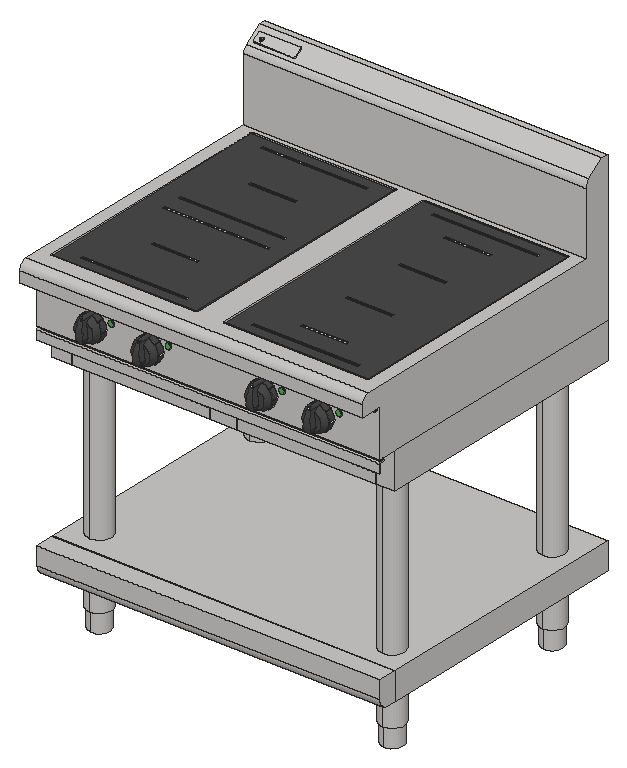
Revit family "QF_Moffat_IN8400R5F-LS_Induction Cooktop_cat", category Specialty Equipment, Revit 2019 (continued)
Definition of nested family "QF_LOGO_Waldorf"
  Lines and regions (mm)
    Split face 7
      outline origin (0, -1.881, 2.589) x (1, 0, 0) y (0, 0.809017, 0.587785)
        loop
          spline (76.449, 5.305) -> (77.855, 5.457) -> (79.166, 5.901) -> (80.291, 6.607) -> (81.155, 7.527) -> (81.698, 8.599) -> (81.883, 9.749) -> (81.698, 10.899) -> (81.155, 11.97) -> (80.291, 12.891) -> (79.166, 13.597) -> (77.855, 14.041) -> (76.449, 14.192)
          spline (76.449, 14.192) -> (75.042, 14.041) -> (73.731, 13.597) -> (72.606, 12.891) -> (71.742, 11.97) -> (71.199, 10.899) -> (71.014, 9.749) -> (71.199, 8.599) -> (71.742, 7.527) -> (72.606, 6.607) -> (73.731, 5.901) -> (75.042, 5.457) -> (76.449, 5.305)
    Split face 8
      outline origin (0, -1.881, 2.589) x (1, 0, 0) y (0, 0.809017, 0.587785)
        loop
          spline (76.449, 7.654) -> (76.841, 7.725) -> (77.206, 7.934) -> (77.52, 8.267) -> (77.76, 8.701) -> (77.912, 9.206) -> (77.963, 9.749) -> (77.912, 10.291) -> (77.76, 10.796) -> (77.52, 11.23) -> (77.206, 11.563) -> (76.841, 11.772) -> (76.449, 11.843)
          spline (76.449, 11.843) -> (76.057, 11.772) -> (75.691, 11.563) -> (75.378, 11.23) -> (75.137, 10.796) -> (74.986, 10.291) -> (74.934, 9.749) -> (74.986, 9.206) -> (75.137, 8.701) -> (75.378, 8.267) -> (75.691, 7.934) -> (76.057, 7.725) -> (76.449, 7.654)
    Split face 9
      outline origin (0, -1.881, 2.589) x (1, 0, 0) y (0, 0.809017, 0.587785)
        loop
          line (86.998, 12.335) -> (86.998, 13.879) -> (83.479, 13.879) -> (83.479, 5.728) -> (87.312, 5.728) -> (87.312, 8.975)
          spline (87.312, 8.975) -> (87.364, 9.356) -> (87.458, 9.686) -> (87.594, 9.968) -> (87.769, 10.204) -> (87.982, 10.398) -> (88.229, 10.55) -> (88.509, 10.666) -> (88.82, 10.746) -> (89.16, 10.794) -> (89.525, 10.812) -> (89.915, 10.803) -> (90.327, 10.77)
          line (90.327, 10.77) -> (90.327, 14.113)
          spline (90.327, 14.113) -> (89.929, 14.127) -> (89.552, 14.111) -> (89.197, 14.066) -> (88.865, 13.991) -> (88.554, 13.887) -> (88.266, 13.754) -> (87.999, 13.591) -> (87.755, 13.399) -> (87.532, 13.177) -> (87.332, 12.926) -> (87.154, 12.645) -> (86.998, 12.335)
    Split face 10
      outline origin (0, -1.881, 2.589) x (1, 0, 0) y (0, 0.809017, 0.587785)
        loop
          line (92.082, 13.879) -> (90.894, 13.879) -> (90.894, 11.972) -> (92.082, 11.972) -> (92.082, 5.728) -> (95.871, 5.728) -> (95.871, 11.972) -> (97.5, 11.972) -> (97.5, 13.879) -> (95.871, 13.879)
          spline (95.871, 13.879) -> (95.843, 14.088) -> (95.845, 14.278) -> (95.877, 14.447) -> (95.939, 14.596) -> (96.03, 14.726) -> (96.151, 14.835) -> (96.301, 14.925) -> (96.482, 14.995) -> (96.692, 15.045) -> (96.931, 15.075) -> (97.201, 15.085) -> (97.5, 15.076)
          line (97.5, 15.076) -> (97.5, 17.266) -> (95.367, 17.266)
          spline (95.367, 17.266) -> (94.982, 17.253) -> (94.58, 17.21) -> (94.174, 17.132) -> (93.774, 17.013) -> (93.39, 16.846) -> (93.034, 16.627) -> (92.717, 16.349) -> (92.448, 16.007) -> (92.24, 15.595) -> (92.102, 15.106) -> (92.046, 14.537) -> (92.082, 13.879)
  Dimensions and locks
    equal spacing: plane 3 "LEFT", plane 7 "Center Y", plane 4 "RIGHT"
    "Length": plane 3 "LEFT" to plane 4 "RIGHT"
    equal spacing: plane 5 "FRONT", plane 8 "Center X", plane 1 "BACK"
    "Depth": plane 5 "FRONT" to plane 1 "BACK"
    "Height": plane 6 "TOP" to level
    plane 4 "RIGHT" to plane 3 "LEFT" = 138 mm
    aligned and locked: level to plane 2
  Automatic sketch dimensions
    Extrusion 1 sketch curve to plane 3 "LEFT" = 0 mm
    plane 3 "LEFT" to Extrusion 1 sketch curve = 4 mm  (x2)
    Extrusion 1 sketch curve to Extrusion 1 sketch curve = 10.75 mm
    Extrusion 1 sketch curve to Extrusion 1 sketch curve = 0.5 mm
    plane 4 "RIGHT" to Extrusion 1 sketch curve = 33 mm
    Extrusion 1 sketch curve to Extrusion 1 sketch curve = 0 mm  (x3)
    Extrusion 1 sketch curve to Extrusion 1 sketch curve = 4 mm
    Extrusion 1 sketch curve to Extrusion 1 sketch curve = 3.464 mm  (x3)
    Extrusion 1 sketch curve to Extrusion 1 sketch curve = 3.541 mm
    Extrusion 1 sketch curve to Extrusion 1 sketch curve = 4.325 mm
    Extrusion 1 sketch curve to Extrusion 1 sketch curve = 19.783 mm
    Extrusion 1 sketch curve to Extrusion 1 sketch curve = 7.592 mm
    plane 3 "LEFT" to Extrusion 2 sketch curve = 15.25 mm
    Extrusion 2 sketch curve to Extrusion 2 sketch curve = 4.325 mm
    plane 3 "LEFT" to Extrusion 3 sketch curve = 14.75 mm
    Extrusion 3 sketch curve to Extrusion 3 sketch curve = 4.325 mm
    Extrusion 1 to Split face 1 sketch curve = 6.879 mm
    Split face 1 sketch curve to Extrusion 1 = 5.728 mm
    Split face 1 sketch curve to Split face 1 sketch curve = 3.132 mm
    Split face 1 sketch curve to Split face 1 sketch curve = 4.068 mm
    Split face 1 sketch curve to Split face 1 sketch curve = 3.051 mm
    Split face 1 sketch curve to Split face 1 sketch curve = 4.203 mm
    Split face 1 sketch curve to Split face 1 sketch curve = 2.916 mm
    Split face 1 sketch curve to Split face 1 sketch curve = 3.456 mm
    Split face 1 sketch curve to Split face 1 sketch curve = 2.934 mm
    Split face 1 sketch curve to Split face 1 sketch curve = 4.131 mm
    Split face 1 sketch curve to Split face 1 sketch curve = 3.96 mm
    Split face 1 sketch curve to Split face 1 sketch curve = 0 mm  (x2)
    Split face 1 sketch curve to Extrusion 1 = 9.736 mm  (x2)
    Extrusion 1 to Split face 1 sketch curve = 6.337 mm
    Extrusion 1 to Split face 1 sketch curve = 6.231 mm
    Extrusion 1 to Split face 1 sketch curve = 3.184 mm
    Extrusion 1 to Split face 1 sketch curve = 13.135 mm
    Split face 1 sketch curve to Split face 1 sketch curve = 4.652 mm
    Split face 1 sketch curve to Split face 1 sketch curve = 3.593 mm
    Split face 1 sketch curve to Split face 1 sketch curve = 1.863 mm
    Split face 1 sketch curve to Split face 1 sketch curve = 0.713 mm
    Split face 1 sketch curve to Split face 1 sketch curve = 2.684 mm
    Split face 1 sketch curve to Split face 1 sketch curve = 3.294 mm
    Split face 1 sketch curve to Split face 1 sketch curve = 0.459 mm
    Split face 1 sketch curve to Split face 1 sketch curve = 2.775 mm
    Split face 1 sketch curve to Split face 1 sketch curve = 1.89 mm
    Split face 1 sketch curve to Split face 1 sketch curve = 0.685 mm
    Split face 1 sketch curve to Split face 1 sketch curve = 9.486 mm
    Split face 1 sketch curve to Split face 1 sketch curve = 16.213 mm
    Split face 1 sketch curve to Split face 1 sketch curve = 3.48 mm
    Split face 1 sketch curve to Split face 1 sketch curve = 4.918 mm
    Split face 1 sketch curve to Split face 1 sketch curve = 7.609 mm
    Split face 1 sketch curve to Split face 1 sketch curve = 0.01 mm  (x2)
    Split face 1 sketch curve to Split face 1 sketch curve = 0.002 mm
    Split face 2 sketch curve to Extrusion 1 = 11.169 mm
    Extrusion 1 to Split face 2 sketch curve = 25.647 mm
    Split face 2 sketch curve to Split face 2 sketch curve = 3.72 mm
    Split face 2 sketch curve to Extrusion 1 = 11.965 mm
    Split face 2 sketch curve to Split face 2 sketch curve = 0.371 mm
    Split face 2 sketch curve to Extrusion 1 = 6.602 mm
    Split face 2 sketch curve to Split face 2 sketch curve = 2.689 mm
    Split face 2 sketch curve to Split face 2 sketch curve = 0.318 mm
    Split face 2 sketch curve to Split face 2 sketch curve = 3.729 mm
    Split face 2 sketch curve to Split face 2 sketch curve = 0.414 mm
    Split face 2 sketch curve to Split face 2 sketch curve = 0.875 mm
    Split face 2 sketch curve to Split face 2 sketch curve = 0.878 mm
    Split face 3 sketch curve to Extrusion 1 = 8.597 mm
    Extrusion 1 to Split face 3 sketch curve = 29.688 mm
    Split face 3 sketch curve to Extrusion 1 = 9.264 mm
    Split face 3 sketch curve to Split face 3 sketch curve = 2.326 mm
    Split face 4 sketch curve to Extrusion 1 = 5.728 mm
    Extrusion 1 to Split face 4 sketch curve = 38.08 mm
    Split face 4 sketch curve to Split face 4 sketch curve = 3.843 mm
    Split face 4 sketch curve to Extrusion 1 = 9.736 mm
    Split face 5 sketch curve to Extrusion 1 = 9.736 mm
    Split face 5 sketch curve to Extrusion 1 = 43.205 mm
    Split face 5 sketch curve to Extrusion 1 = 6.679 mm
    Split face 5 sketch curve to Split face 5 sketch curve = 0.342 mm
    Split face 5 sketch curve to Split face 5 sketch curve = 3.375 mm
    Split face 5 sketch curve to Split face 5 sketch curve = 0.952 mm
    Split face 5 sketch curve to Split face 5 sketch curve = 3.998 mm
    Split face 6 sketch curve to Extrusion 1 = 7.499 mm
    Split face 6 sketch curve to Extrusion 1 = 44.727 mm
    Split face 6 sketch curve to Split face 6 sketch curve = 2.07 mm
    Split face 7 sketch curve to Extrusion 1 = 5.305 mm
    Split face 7 sketch curve to Extrusion 1 = 32.551 mm
    Split face 7 sketch curve to Split face 7 sketch curve = 4.443 mm
    Split face 8 sketch curve to Extrusion 1 = 7.654 mm
    Split face 8 sketch curve to Extrusion 1 = 32.551 mm
    Split face 8 sketch curve to Split face 8 sketch curve = 2.095 mm
    Split face 9 sketch curve to Extrusion 1 = 5.728 mm
    Split face 9 sketch curve to Extrusion 1 = 25.521 mm
    Split face 9 sketch curve to Split face 9 sketch curve = 3.519 mm
    Split face 9 sketch curve to Split face 9 sketch curve = 0.315 mm
    Split face 9 sketch curve to Split face 9 sketch curve = 3.33 mm
    Split face 9 sketch curve to Split face 9 sketch curve = 3.248 mm
    Split face 9 sketch curve to Split face 9 sketch curve = 1.795 mm
    Split face 9 sketch curve to Split face 9 sketch curve = 3.36 mm
    Split face 9 sketch curve to Split face 9 sketch curve = 1.545 mm
    Split face 9 sketch curve to Split face 9 sketch curve = 0.233 mm
    Split face 10 sketch curve to Extrusion 1 = 18.106 mm
    Split face 10 sketch curve to Split face 10 sketch curve = 1.188 mm  (x2)
    Split face 10 sketch curve to Split face 10 sketch curve = 3.285 mm
    Split face 10 sketch curve to Split face 10 sketch curve = 3.789 mm
    Split face 10 sketch curve to Split face 10 sketch curve = 0 mm  (x2)
    Split face 10 sketch curve to Split face 10 sketch curve = 1.629 mm
    Split face 10 sketch curve to Split face 10 sketch curve = 2.133 mm
    Split face 10 sketch curve to Extrusion 1 = 5.728 mm
    Split face 10 sketch curve to Split face 10 sketch curve = 6.245 mm
    Split face 10 sketch curve to Split face 10 sketch curve = 1.907 mm  (x2)
    Split face 10 sketch curve to Split face 10 sketch curve = 1.197 mm
    Split face 10 sketch curve to Split face 10 sketch curve = 2.19 mm
Definition of nested family "Knob"
  Parameters (values of type "Knob")
    Weight in Pounds = 0
    URL Cutsheet = ""
    Specification by User = ""
    Specification by Manufacturer = ""
    Serial Number = ""
    Seismic Rating = ""
    SMACNA No = ""
    Revision Code = ""
    NAFEM Spec ID Number = ""
    Masterspec = ""
    Length = 65 mm
    Item Number = ""
    Installed By = ""
    Identify Quantity as Lot = yes
    Height = 69.5 mm
    Furnished By = ""
    Foodservice Equipment Identifier = yes
    Depth = 59 mm
    CSI MasterFormat = ""
  Reference planes
    plane 1 "BACK": y = 0
    plane 2: z = 0
    plane 3 "LEFT": x = 0
    plane 4 "RIGHT": x = 65
    plane 5 "FRONT": y = -59
    plane 6 "TOP": z = 69.5
    plane 7 "Center Y": x = 32.5
    plane 8 "Center X": y = -29.5
  Forms (mm)
    Revolve 1, solid
      sketch origin (32.5, 175.397, 1219.2) x (0, 1, 0) y (0, 0, 1)
        loop
          line (-175.397, -1186.7) -> (-219.397, -1186.7) -> (-219.397, -1211.501) -> (-202.106, -1219.2) -> (-185.397, -1219.2) -> (-185.397, -1191.7) -> (-175.397, -1191.7) -> (-175.397, -1186.7)
        axis (-219.397, -1186.7) -> (-175.397, -1186.7)
      angle from 0 to 360
    Extrusion 2, solid
      sketch origin (32.5, 175.397, 1219.2) x (0, 1, 0) y (0, 0, 1)
        loop
          line (-202.106, -1154.2) -> (-185.397, -1154.2) -> (-185.397, -1149.7) -> (-224.105, -1149.7)
          arc (-224.105, -1149.7) -> (-233.965, -1178.467) -> (-230.696, -1208.7) r 70
          line (-230.696, -1208.7) -> (-219.397, -1208.7) -> (-219.397, -1161.899) -> (-202.106, -1154.2)
      from -15 to 15
    Extrusion 3, void
      sketch origin (0, 0, 0) x (1, 0, 0) y (0, 0, 1)
        loop
          line (27.501, 64.613) -> (22.02, 20.585)
          arc (22.02, 20.585) -> (32.792, 10.488) -> (42.986, 21.169) r 10.487
          line (42.986, 21.169) -> (37.499, 64.613)
          arc (37.499, 64.613) -> (32.5, 69.5) -> (27.501, 64.613) r 5
        loop
          line (10, 72.977) -> (10, 5.625) -> (55, 5.625) -> (55, 72.977) -> (10, 72.977)
      from 6.142 to 69.687
    Extrusion 4, solid
      sketch origin (0, -34.115, -16.916) x (1, 0, 0) y (0, 0.45399, 0.891007)
        loop
          circle (32.497, 65) r 2
      from 51.525 to 53.075
    Extrusion 5, solid
      sketch origin (32.5, -10, 32.5) x (0, 0, -1) y (-1, 0, 0)
        loop
          line (-23.54, -22.408) -> (-24.106, -22.974)
          arc (-24.106, -22.974) -> (-23.547, -23.547) -> (-22.974, -24.106) r 33.3
          line (-22.974, -24.106) -> (-22.408, -23.54)
          arc (-22.408, -23.54) -> (-22.981, -22.981) -> (-23.54, -22.408) r 32.5
        loop
          arc (-0.8, -33.29) -> (0, -33.3) -> (0.8, -33.29) r 33.3
          line (0.8, -33.29) -> (0.8, -32.49)
          arc (0.8, -32.49) -> (0, -32.5) -> (-0.8, -32.49) r 32.5
          line (-0.8, -32.49) -> (-0.8, -33.29)
        loop
          arc (23.54, -22.408) -> (22.981, -22.981) -> (22.408, -23.54) r 32.5
          line (22.408, -23.54) -> (22.974, -24.106)
          arc (22.974, -24.106) -> (23.547, -23.547) -> (24.106, -22.974) r 33.3
          line (24.106, -22.974) -> (23.54, -22.408)
        loop
          arc (-23.54, 22.408) -> (-22.981, 22.981) -> (-22.408, 23.54) r 32.5
          line (-22.408, 23.54) -> (-22.974, 24.106)
          arc (-22.974, 24.106) -> (-23.547, 23.547) -> (-24.106, 22.974) r 33.3
          line (-24.106, 22.974) -> (-23.54, 22.408)
        loop
          line (-0.8, 33.29) -> (-0.8, 32.49)
          arc (-0.8, 32.49) -> (0, 32.5) -> (0.8, 32.49) r 32.5
          line (0.8, 32.49) -> (0.8, 33.29)
          arc (0.8, 33.29) -> (0, 33.3) -> (-0.8, 33.29) r 33.3
        loop
          line (32.49, -0.8) -> (33.29, -0.8)
          arc (33.29, -0.8) -> (33.3, 0) -> (33.29, 0.8) r 33.3
          line (33.29, 0.8) -> (32.49, 0.8)
          arc (32.49, 0.8) -> (32.5, 0) -> (32.49, -0.8) r 32.5
        loop
          arc (24.106, 22.974) -> (23.547, 23.547) -> (22.974, 24.106) r 33.3
          line (22.974, 24.106) -> (22.408, 23.54)
          arc (22.408, 23.54) -> (22.981, 22.981) -> (23.54, 22.408) r 32.5
          line (23.54, 22.408) -> (24.106, 22.974)
      from 0 to -16.709
  Cuts and joins
    Extrusion 3 cuts Extrusion 2
  Dimensions and locks
    equal spacing: plane 3 "LEFT", plane 7 "Center Y", plane 4 "RIGHT"
    "Length": plane 3 "LEFT" to plane 4 "RIGHT"
    equal spacing: plane 5 "FRONT", plane 8 "Center X", plane 1 "BACK"
    "Depth": plane 5 "FRONT" to plane 1 "BACK"
    "Height": plane 6 "TOP" to level
    plane 4 "RIGHT" to plane 3 "LEFT" = 65 mm
    aligned and locked: level to plane 2
  Automatic sketch dimensions
    Revolve 1 sketch curve to level = 0 mm
    Revolve 1 sketch curve to plane 1 "BACK" = 0 mm  (x2)
    plane 1 "BACK" to Revolve 1 sketch curve = 10 mm
    plane 8 "Center X" to Revolve 1 sketch curve = 2.791 mm
    Revolve 1 sketch curve to plane 8 "Center X" = 14.5 mm
    level to Revolve 1 sketch curve = 7.699 mm
    level to Revolve 1 sketch curve = 27.5 mm
    Revolve 1 sketch curve to Revolve 1 sketch curve = 5 mm
    Revolve 1 sketch curve to Revolve 1 sketch curve = 35 mm
    Revolve 1 sketch curve to Revolve 1 sketch curve = 0 mm
    Extrusion 2 sketch curve to plane 6 "TOP" = 0 mm
    Extrusion 2 sketch curve to plane 5 "FRONT" = 3.702 mm
    Extrusion 2 sketch curve to plane 5 "FRONT" = 10.293 mm
    Extrusion 2 sketch curve to Extrusion 2 sketch curve = 11.298 mm
    plane 8 "Center X" to Extrusion 2 sketch curve = 2.791 mm
    plane 1 "BACK" to Extrusion 2 sketch curve = 10 mm
    Extrusion 2 sketch curve to plane 1 "BACK" = 11 mm
    Extrusion 2 sketch curve to plane 6 "TOP" = 4.5 mm
    Extrusion 2 sketch curve to plane 6 "TOP" = 12.199 mm
    level to Extrusion 2 sketch curve = 32.962 mm
    level to Extrusion 3 sketch curve = 5.625 mm
    Extrusion 3 sketch curve to plane 7 "Center Y" = 0 mm  (x2)
    Extrusion 3 sketch curve to plane 7 "Center Y" = 4.999 mm
    Extrusion 3 sketch curve to plane 7 "Center Y" = 10.48 mm
    plane 6 "TOP" to Extrusion 3 sketch curve = 3.477 mm
    plane 3 "LEFT" to Extrusion 3 sketch curve = 10 mm
    Extrusion 3 sketch curve to plane 6 "TOP" = 4.887 mm
    Extrusion 3 sketch curve to Extrusion 3 sketch curve = 4.999 mm
    plane 7 "Center Y" to Extrusion 3 sketch curve = 10.486 mm
    level to Extrusion 3 sketch curve = 20.585 mm
    Extrusion 3 sketch curve to Extrusion 3 sketch curve = 0.387 mm
    Extrusion 3 sketch curve to Extrusion 3 sketch curve = 0.113 mm
    plane 4 "RIGHT" to Extrusion 3 sketch curve = 10 mm
    Extrusion 5 sketch curve to Revolve 1 = 32.49 mm
    Revolve 1 to Extrusion 5 sketch curve = 32.49 mm
    Extrusion 5 sketch curve to Revolve 1 = 23.54 mm  (x2)
    Revolve 1 to Extrusion 5 sketch curve = 23.54 mm  (x2)
    Extrusion 5 sketch curve to Revolve 1 = 24.106 mm  (x2)
    Revolve 1 to Extrusion 5 sketch curve = 24.106 mm  (x2)
    Revolve 1 to Extrusion 5 sketch curve = 22.408 mm  (x2)
    Extrusion 5 sketch curve to Revolve 1 = 22.408 mm  (x2)
    Revolve 1 to Extrusion 5 sketch curve = 22.974 mm  (x2)
    Extrusion 5 sketch curve to Revolve 1 = 22.974 mm  (x2)
    Extrusion 5 sketch curve to Extrusion 5 sketch curve = 1.6 mm  (x2)
    Revolve 1 to Extrusion 5 sketch curve = 0.8 mm
    Extrusion 5 sketch curve to Revolve 1 = 0.8 mm
    Extrusion 4 sketch curve to plane 7 "Center Y" = 0.003 mm
    radius of Extrusion 5 sketch curve to Revolve 1 = 0 mm  (x7)
    radius of Revolve 1 to Extrusion 5 sketch curve = 0.8 mm  (x7)
    radius of Extrusion 4 sketch curve = 2 mm
Types (2, lengths in mm): name | Volts | Model | Cycle | Apparent Power
  INB8400R5F-LS_415/60/3 | 415 V | "IN8400R5F-LS" | 60 Hz | 20102.6 VA
  INB8400R5F-LS_400/50/3 | 400 V | "INB8400R5F-LS" | 50 Hz | 19376 VA
